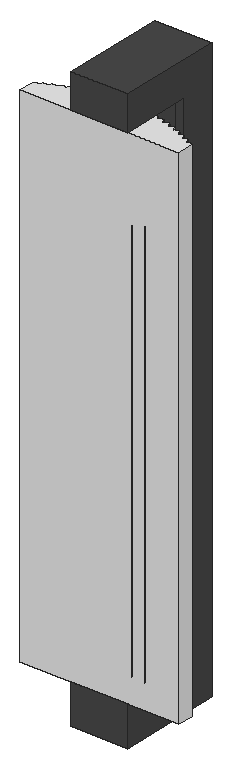
Revit family "3-763-xx - Verve Wall Sconce", category Luminarias, Revit 2021
Family settings
  Anfitrión = Muro
  Cota de conector redondo = Diámetro de uso
  Tipo de pieza = Normal
  Número OmniClass = 23.80.70.00
  Título OmniClass = Lighting
  Siempre vertical = Sí
  Corte con vacíos al cargar = No
  Origen de luz = Sí
  Compartido = No
  Punto de cálculo de habitación = No
Parameters (values of type "3-763-15 / Black")
  Ángulo de inclinación = 90.00°
  Elevación por defecto = 0 mm
  Comentarios de vataje = "1 x 18.0 W at 120 V"  # constant formula
  Wattage = 18 W
  built-in parameter 1150110 = 1 (stored number, unit not read)
  Voltage Input = "120 V or 277 V - 50/60 Hz"  # constant formula
  Voltage = 120 V
  URL = "www.oxygenlighting.com"
  built-in parameter 1114217 = 1 (stored number, unit not read)
  built-in parameter 1150109 = 1 (stored number, unit not read)
  built-in parameter 1150134 = (empty or 0)
  built-in parameter 1150113 = 1 (stored number, unit not read)
  References = "Ref. 3 = 120 V / Ref. 37 = 277 V"  # constant formula
  Modelo = "3-763-xx / Verve Wall Sconce"  # constant formula
  Metal Finish 2 = 15 - Black
  Metal Finish 1 = 6 - White
  Fabricante = "Oxygen Lighting and Fans"  # constant formula
  Lumens = 432 lm
  built-in parameter 1150115 = 1 (stored number, unit not read)
  built-in parameter 1150105 = 34.377 (stored number, unit not read)
  built-in parameter 1150137 = (empty or 0)
  built-in parameter 1150139 = (empty or 0)
  built-in parameter 1150112 = 1 (stored number, unit not read)
  built-in parameter 1150114 = 1 (stored number, unit not read)
  Lámpara = "LED Array"  # constant formula
  built-in parameter 1150132 = (empty or 0)
  built-in parameter 1150102 = (empty or 0)
  built-in parameter 1150138 = (empty or 0)
  built-in parameter 1150107 = 3000 (stored number, unit not read)
  built-in parameter 1150106 = 0.34377 (stored number, unit not read)
  built-in parameter 1150104 = 2.2297 (stored number, unit not read)
  Dimming Lamp Color Temperature Shift = (empty or 0)
  Color Filter = 16777215
  built-in parameter 1114218 = 1 (stored number, unit not read)
  Archivo de red fotométrica = "3-763-15 Verve 22 Sconce.ies"
  built-in parameter 1150133 = 10 (stored number, unit not read)
Reference planes
  plane 1: y = 0
  plane 2 "Light Source Axis (L/R)": x = 125
  plane 3 "Light Source Axis (F/R)": y = 142.5
  plane 4 "Light Source Elevation": z = 1020
  plane 5: y = 75
Text (mm)
  text "Placement side" at (-1787.139, 1116.779, 0), in view "Ref. Level"
  text "Placement side" at (0, 2110.396, 2986.058), in view "Left"
  text "Placement side" at (0, 628.478, 3011.967), in view "Right"
Dimensions and locks
  locked: plane 3 "Light Source Axis (F/R)" to plane 5 at 67.5
  locked: plane 4 "Light Source Elevation" to nested 1 at 177.5
  aligned and locked: plane 1 to host wall
  aligned and locked: plane 4 "Light Source Elevation" to imposter light
  aligned and locked: plane 5 to host wall
  aligned and locked: nested 1 to plane 2 "Light Source Axis (L/R)"
  aligned and locked: plane 5 to nested 1
Nested families
  nested 1: "Family1" at (125, 75, 917.5) x (-1, 0, 0) z (0, 0, 1), type "Family1"
Connectors
  electrical at (125, 75, 920), driven by "Voltage"
    settings: on nested 1, index 1, voltage 120 V, apparent load 0 VA, apparent load phase1 0 VA, apparent load phase2 0 VA, apparent load phase3 0 VA, power factor 1, load classification "Other", number of poles 1, system type 31, power factor state 1, is connector primary yes, connector utility no, sub classification motor no, connector description ""
Definition of nested family "Family1"
  Parameters (values of type "Family1")
    Metal finish 2 = none
    Metal Finish 1 = none
    Default Elevation = 0 mm
  Reference planes
    plane 1 "Center (Front/Back)": y = 0
    plane 2: z = 0
    plane 3 "Center (Left/Right)": x = 0
  Forms (mm)
    Extrusion 1, solid, material <- "Metal Finish 1"
      sketch origin (0, 0, 0) x (1, 0, 0) y (0, 1, 0)
        loop
          line (-76, 0) -> (-76, -15)
          arc (-76, -15) -> (-75.496, -15.301) -> (-74.979, -15.579) r 12.957
          arc (-74.979, -15.579) -> (-73.426, -15.968) -> (-71.894, -15.503) r 3
          arc (-71.894, -15.503) -> (-70.88, -15.47) -> (-70.359, -16.341) r 1
          arc (-70.359, -16.341) -> (-68.734, -18.988) -> (-65.635, -18.777) r 3
          arc (-65.635, -18.777) -> (-64.623, -18.695) -> (-64.062, -19.541) r 1
          arc (-64.062, -19.541) -> (-62.312, -22.108) -> (-59.227, -21.749) r 3
          arc (-59.227, -21.749) -> (-58.22, -21.62) -> (-57.619, -22.437) r 1
          arc (-57.619, -22.437) -> (-55.749, -24.918) -> (-52.684, -24.413) r 3
          arc (-52.684, -24.413) -> (-51.685, -24.236) -> (-51.046, -25.024) r 1
          arc (-51.046, -25.024) -> (-49.06, -27.413) -> (-46.023, -26.763) r 3
          arc (-46.023, -26.763) -> (-45.033, -26.538) -> (-44.357, -27.295) r 1
          arc (-44.357, -27.295) -> (-42.26, -29.587) -> (-39.257, -28.793) r 3
          arc (-39.257, -28.793) -> (-38.279, -28.521) -> (-37.567, -29.245) r 1
          arc (-37.567, -29.245) -> (-35.364, -31.435) -> (-32.402, -30.498) r 3
          arc (-32.402, -30.498) -> (-31.438, -30.181) -> (-30.693, -30.87) r 1
          arc (-30.693, -30.87) -> (-28.394, -32.96) -> (-25.477, -31.893) r 3
          arc (-25.477, -31.893) -> (-24.528, -31.533) -> (-23.753, -32.188) r 1
          arc (-23.753, -32.188) -> (-21.358, -34.166) -> (-18.494, -32.961) r 3
          arc (-18.494, -32.961) -> (-17.564, -32.557) -> (-16.758, -33.175) r 1
          arc (-16.758, -33.175) -> (-14.272, -35.036) -> (-11.469, -33.697) r 3
          arc (-11.469, -33.697) -> (-10.558, -33.248) -> (-9.725, -33.827) r 1
          arc (-9.725, -33.827) -> (-7.329, -35.804) -> (-4.466, -34.6) r 3
          arc (-4.466, -34.6) -> (-3.535, -34.195) -> (-2.73, -34.813) r 1
          arc (-2.73, -34.813) -> (0, -36.068) -> (2.73, -34.813) r 3.596
          arc (2.73, -34.813) -> (3.535, -34.195) -> (4.466, -34.6) r 1
          arc (4.466, -34.6) -> (7.329, -35.804) -> (9.725, -33.827) r 3
          arc (9.725, -33.827) -> (10.558, -33.248) -> (11.469, -33.697) r 1
          arc (11.469, -33.697) -> (14.272, -35.036) -> (16.758, -33.175) r 3
          arc (16.758, -33.175) -> (17.564, -32.557) -> (18.494, -32.961) r 1
          arc (18.494, -32.961) -> (21.358, -34.166) -> (23.753, -32.188) r 3
          arc (23.753, -32.188) -> (24.528, -31.533) -> (25.477, -31.893) r 1
          arc (25.477, -31.893) -> (28.394, -32.96) -> (30.693, -30.87) r 3
          arc (30.693, -30.87) -> (31.438, -30.181) -> (32.402, -30.498) r 1
          arc (32.402, -30.498) -> (35.364, -31.435) -> (37.567, -29.245) r 3
          arc (37.567, -29.245) -> (38.279, -28.521) -> (39.257, -28.793) r 1
          arc (39.257, -28.793) -> (42.26, -29.587) -> (44.357, -27.295) r 3
          arc (44.357, -27.295) -> (45.033, -26.538) -> (46.023, -26.763) r 1
          arc (46.023, -26.763) -> (49.06, -27.413) -> (51.046, -25.024) r 3
          arc (51.046, -25.024) -> (51.685, -24.236) -> (52.684, -24.413) r 1
          arc (52.684, -24.413) -> (55.749, -24.918) -> (57.619, -22.437) r 3
          arc (57.619, -22.437) -> (58.22, -21.62) -> (59.227, -21.749) r 1
          arc (59.227, -21.749) -> (62.312, -22.108) -> (64.062, -19.541) r 3
          arc (64.062, -19.541) -> (64.623, -18.695) -> (65.635, -18.777) r 1
          arc (65.635, -18.777) -> (68.734, -18.988) -> (70.359, -16.341) r 3
          arc (70.359, -16.341) -> (70.88, -15.47) -> (71.894, -15.503) r 1
          arc (71.894, -15.503) -> (73.426, -15.968) -> (74.979, -15.579) r 3
          arc (74.979, -15.579) -> (75.496, -15.301) -> (76, -15) r 12.957
          line (76, -15) -> (76, 0) -> (-76, 0)
      from -242 to 247
    Extrusion 2, solid, material <- "Metal finish 2"
      sketch origin (0, 0, 0) x (0, 1, 0) y (0, 0, 1)
        loop
          line (0, 247) -> (0, 280) -> (-100.016, 280) -> (-100.016, -144.5) -> (-100.016, -280) -> (0, -280) -> (0, -242) -> (-67.016, -242) -> (-67.016, 247) -> (0, 247)
      from -27 to 27
    Extrusion 3, void
      sketch origin (0, 0, 0) x (1, 0, 0) y (0, 1, 0)
        loop
          line (-19.642, -67.016) -> (-19.642, -87.016) -> (20.358, -87.016) -> (20.358, -67.016) -> (-19.642, -67.016)
      from -242 to 247
  Cuts and joins
    Extrusion 3 cuts Extrusion 2
  Dimensions and locks
    aligned and locked: level to plane 2
